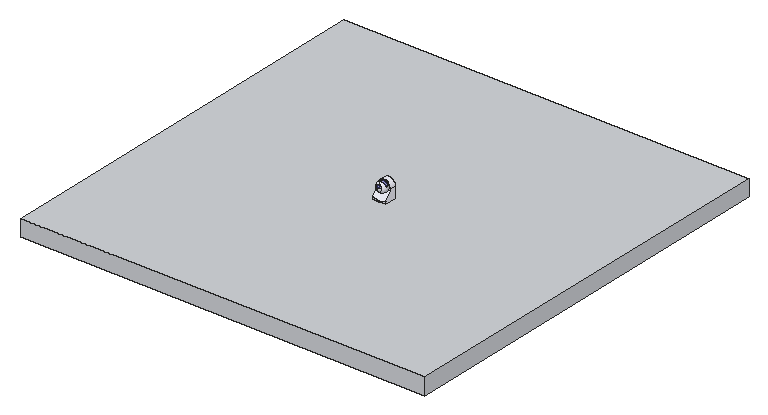
Revit family "BEG-91001", category Dispositifs d'éclairage, Revit 2015
Parameters
  Erfassungsbereich [instance] = yes
  Zone sitzend [instance] = yes
  URL = "http://www.luxomat.com/de-91001"
  Ausgabetyp = "Schalten"
  Umgebungstemperatur = "-25°C bis +50°C"
  Artikel-Nummer = "91001"
  Relais = "4A"
  Modèle = "LC-Click-N 140, weiß"
  Montge Anleitung = "Aufputz Version"
  Marke = "LUXOMAT"
  Image du type = 91001.jpg
  IP = "44"
  Max Montagehöhe empfohlen = Montagehöhe max  # 300 cm
  Montagehöhe max = 300 cm
  Fabricant = "B.E.G"
  Etikette [instance] = yes
  Elévation par défaut = 250 cm
  Typische Leistungsaufnahme = "0,43W"
  Commentaires du type = "LC-Click-N-140-weiß  BEG Luxomat Bewegungsmelder"
  Code d'assemblage = "D5010200"
  Klasse = "2"
  Schaltleistung Kanal LED = "30W"
  Schaltleistung Kanal Cos ɸ =1 = "1000W"
  Schaltleistung Kanal Cos ɸ =0,5 = "0"
  SPANNUNG = "110-240 V AC"
Reference planes (cm)
  plane 1 "Centre (avant/arrière)": y = 0
  plane 2: z = 0
  plane 3 "Centre (gauche/droite)": x = 0
Forms (cm)
  Extrusion 1, solid
    sketch origin (0, 0, 0) x (1, 0, 0) y (0, 1, 0)
      loop
        line (-121.92, 121.92) -> (-121.92, -121.92) -> (121.92, -121.92) -> (121.92, 121.92) -> (-121.92, 121.92)
    from 0 to -10
  Extrusion 2, void
    sketch origin (0, 0, 0) x (1, 0, 0) y (0, 1, 0)
      loop
        circle (0, 0) r 2.125
    from 0 to 1.606
Dimensions and locks (cm)
  aligned and locked: plane 2 to Extrusion 1
  aligned and locked: level to Extrusion 1
  aligned and locked: plane 2 to nested 2
  aligned and locked: plane 1 "Centre (avant/arrière)" to nested 2
Nested families (cm)
  nested 1: "Famille1" at (0, -52.6659, 0) x (-1, 0, 0) z (0, 0, 1), reference <- "Artikel-Nummer", modele <- "Modèle", visible <- "Etikette", type "Famille1"
    with reference "91001", modele "LC-Click-N 140, weiß"
  nested 2: "M2" at (0, -4.5, 7.2), type "Standard"
  nested 3: "zone B" at (0, 0, 0) x (1, 0, 0) z (0, -1, 0), visible <- "Erfassungsbereich", type "zone B"
    with zone assise yes, position 3 100 cm, position 2 240 cm, position 1 400 cm, frontale 600 cm, biais 1000 cm, assise 400 cm
  nested 4: "Symbole Mural 2D" at (0, 0, 0), type "Symbole Mural 2D"
Connectors (cm)
  electrical at (0, -0.4, 0)
    settings: on nested 2, index 1, voltage 240 V, apparent load 0 VA, apparent load phase1 0 VA, apparent load phase2 0 VA, apparent load phase3 0 VA, power factor 1, load classification "Eclairage", number of poles 1, system type 31, power factor state 1, is connector primary yes, connector utility no, sub classification motor no, connector description ""
Definition of nested family "M2"
  Parameters (values of type "Standard")
    d273 = 0.00°
    d272 = 0.00°
    d258 = 10.3 cm
    d158 = 7.2 cm
    Revolution_StartAngle_2 = -90.0709°
    Revolution_StartAngle_1 = -90.0613°
    Revolution_EndAngle_2 = 0.00°
    Revolution_EndAngle_1 = 0.00°
  Reference planes (cm)
    plane 1 "Centre (avant/arrière)": y = 0
    plane 2: z = 0
    plane 3 "Centre (gauche/droite)": x = 0
    plane 4: x = 0
    plane 5: x = 4.65
    plane 6: x = -4.65
    plane 7: x = 4.2
    plane 8: x = -4.2
    plane 9: z = 0
    plane 10: z = -7.2
    plane 11: z = 3.1
    plane 12: x = 5.85
    plane 13: x = -5.85
  Forms (cm)
    Revolve 1, solid
      sketch origin (0, 0, 0) x (0, -1, 0) y (0, 0, -1)
        loop
          arc (-0.65, 1.6397) -> (-2.376, 2.8952) -> (-4.5, 2.6852) r 3
          line (-4.5, 2.6852) -> (-4.5, -0.1) -> (-0.65, -0.1) -> (-0.65, 1.6397)
        axis (-4.5, -0.1) -> (-0.65, -0.1)
      angle from 0 to 360
    Revolve 2, solid
      sketch origin (0, 0, 0) x (0, -1, 0) y (0, 0, -1)
        loop
          line (-0.65, 1.6197) -> (-0.65, -0.1) -> (0, -0.1)
          arc (0, -0.1) -> (-0.1679, 0.8192) -> (-0.65, 1.6197) r 2.6
        axis (0, -0.1) -> (-0.65, -0.1)
      angle from -90.061 <- "Revolution_StartAngle_1" to 90
    Revolve 3, solid
      sketch origin (0, 0, 0) x (0, -1, 0) y (0, 0, -1)
        loop
          line (-0.65, -0.1) -> (-0.65, -1.75)
          arc (-0.65, -1.75) -> (-0.1684, -0.9867) -> (0, -0.1) r 2.4192
          line (0, -0.1) -> (-0.65, -0.1)
        axis (-0.65, -0.1) -> (0, -0.1)
      angle from -90.071 <- "Revolution_StartAngle_2" to 90
    Extrusion 4, void
      sketch origin (0, 0, 0) x (0, -1, 0) y (0, 0, -1)
        loop
          line (-4.25, -0.5) -> (-4.25, -3.5) -> (-1.95, -3.5) -> (-1.95, -0.5) -> (-4.25, -0.5)
      from 4.65 to -4.65
    Revolve 5, solid
      sketch origin (0, 0, 0) x (0, -1, 0) y (0, 0, -1)
        loop
          line (-4.25, -2.8) -> (-1.95, -2.8) -> (-1.95, -0.5) -> (-4.25, -0.5) -> (-4.25, -2.8)
        axis (-1.95, 0) -> (-4.25, 0)
      angle from 0 to 360
    Extrusion 6, void
      sketch origin (0, 0, 0) x (0, -1, 0) y (0, 0, -1)
        loop
          line (-4.25, -0.5) -> (-1.95, -0.5) -> (-1.95, 3.2411) -> (-4.25, 3.2411) -> (-4.25, -0.5)
      from 4.2 to -4.2
    Extrusion 7, solid
      sketch origin (0, 0, -7.2) x (-1, 0, 0) y (0, -1, 0)
        loop
          line (3.9, -7.6) -> (3.9, -0.6)
          arc (3.9, -0.6) -> (0, -0.2) -> (-3.9, -0.6) r 19.2125
          line (-3.9, -0.6) -> (-3.9, -7.6)
          arc (-3.9, -7.6) -> (0, -8) -> (3.9, -7.6) r 19.2125
      from 0 to 10.3
    Extrusion 8, void
      sketch origin (0, 0, 0) x (0, -1, 0) y (0, 0, -1)
        loop
          line (0.0389, 6.5653) -> (-4.4331, 1.4654) -> (-4.4331, -3.5256) -> (0.0389, -3.5256) -> (0.0389, 6.5653)
      from 5.85 to -5.85
    Extrusion 9, void
      sketch origin (5.85, 4.4331, -1.4654) x (0, 0, 1) y (-1, 0, 0)
        loop
          line (0.6654, 10.6176) -> (0.6654, 9.75)
          arc (0.6654, 9.75) -> (4.5654, 5.85) -> (0.6654, 1.95) r 3.9
          line (0.6654, 1.95) -> (0.6654, 0.7522) -> (4.9856, 0.7522) -> (4.9856, 10.6176) -> (0.6654, 10.6176)
      from 6.1831 to -5.5169
  Cuts and joins
    Extrusion 4 cuts Revolve 1
    Extrusion 4 cuts Revolve 2
    Extrusion 8, Extrusion 9 cuts Extrusion 7
    joined: Revolve 1, Revolve 2, Extrusion 7
    Extrusion 6 cuts Revolve 5
  Lines and regions (cm)
    reference lines
      curve 1: arc (0, 0.65, -1.6397) -> (0, 2.376, -2.8952) -> (0, 4.5, -2.6852) r 3
      curve 2: line (0, 4.5, 0.1) -> (0, 4.5, -2.6852)
      curve 3: line (0, 4.5, 0.1) -> (0, 0.65, 0.1)
      curve 4: line (0, 0.65, 0.1) -> (0, 0.65, -1.6397)
      curve 5: line (0, 6.7518, 0.1) -> (0, 0, 0.1)
      curve 6: line (0, 0.65, 1.8397) -> (0, 0.65, -1.6397)
      curve 7: line (0, 0, 0.1) -> (0, 0.65, 0.1)
      curve 8: arc (0, 0, 0.1) -> (0, 0.1679, -0.8192) -> (0, 0.65, -1.6197) r 2.6
      curve 9: line (0, 0.65, 0.1) -> (0, 0, 0.1)
      curve 10: arc (0, 0.65, 1.75) -> (0, 0.1684, 0.9867) -> (0, 0, 0.1) r 2.4192
      curve 11: line (0, 0.65, 0.1) -> (0, 0.65, 1.75)
      curve 12: line (0, 4.25, 0.5) -> (0, 1.95, 0.5)
      curve 13: line (0, 1.95, 0.5) -> (0, 1.95, 3.5)
      curve 14: line (0, 1.95, 3.5) -> (0, 4.25, 3.5)
      curve 15: line (0, 4.25, 3.5) -> (0, 4.25, 0.5)
      curve 16: line (0, 4.25, 2.8) -> (0, 1.95, 2.8)
      curve 17: line (0, 1.95, 2.8) -> (0, 1.95, 0.5)
      curve 18: line (0, 1.95, 0.5) -> (0, 4.25, 0.5)
      curve 19: line (0, 4.25, 0.5) -> (0, 4.25, 2.8)
      curve 20: line (0, -0.85, 0) -> (0, 5.1, 0)
      curve 21: line (0, 4.25, 0.5) -> (0, 1.95, 0.5)
      curve 22: line (0, 1.95, 0.5) -> (0, 1.95, -3.2411)
      curve 23: line (0, 1.95, -3.2411) -> (0, 4.25, -3.2411)
      curve 24: line (0, 4.25, -3.2411) -> (0, 4.25, 0.5)
      curve 25: line (-3.9, 7.6, -7.2) -> (-3.9, 0.6, -7.2)
      curve 26: arc (-3.9, 0.6, -7.2) -> (0, 0.2, -7.2) -> (3.9, 0.6, -7.2) r 19.2125
      curve 27: line (3.9, 7.6, -7.2) -> (3.9, 0.6, -7.2)
      curve 28: arc (3.9, 7.6, -7.2) -> (0, 8, -7.2) -> (-3.9, 7.6, -7.2) r 19.2125
      curve 29: line (0, -0.0389, -6.5653) -> (0, 4.4331, -1.4654)
      curve 30: line (0, 4.4331, -1.4654) -> (0, 4.4331, 3.5256)
      curve 31: line (0, 4.4331, 3.5256) -> (0, -0.0389, 3.5256)
      curve 32: line (0, -0.0389, 3.5256) -> (0, -0.0389, -6.5653)
      curve 33: line (-3.9, 4.4331, -0.8) -> (-4.7676, 4.4331, -0.8)
      curve 34: arc (3.9, 4.4331, -0.8) -> (0, 4.4331, 3.1) -> (-3.9, 4.4331, -0.8) r 3.9
      curve 35: line (5.0978, 4.4331, -0.8) -> (3.9, 4.4331, -0.8)
      curve 36: line (5.0978, 4.4331, 3.5202) -> (5.0978, 4.4331, -0.8)
      curve 37: line (-4.7676, 4.4331, 3.5202) -> (5.0978, 4.4331, 3.5202)
      curve 38: line (-4.7676, 4.4331, -0.8) -> (-4.7676, 4.4331, 3.5202)
  Dimensions and locks (cm)
    "d158": plane 10 to plane 9
    "d258": plane 10 to plane 11
    aligned and locked: level to plane 2
    aligned and locked: Revolve 1 sketch curve to curve 1
    aligned and locked: Revolve 1 sketch curve to curve 2
    aligned and locked: Revolve 1 sketch curve to curve 3
    aligned and locked: Revolve 1 sketch curve to curve 4
    aligned and locked: Revolve 1 sketch curve to curve 5
    aligned and locked: Revolve 2 sketch curve to curve 6
    aligned and locked: Revolve 2 sketch curve to curve 7  (x2)
    aligned and locked: Revolve 2 sketch curve to curve 8
    aligned and locked: Revolve 3 sketch curve to curve 9  (x2)
    aligned and locked: Revolve 3 sketch curve to curve 10
    aligned and locked: Revolve 3 sketch curve to curve 11
    aligned and locked: Extrusion 4 to plane 6
    aligned and locked: Extrusion 4 to plane 5
    aligned and locked: Extrusion 4 sketch curve to curve 12
    aligned and locked: Extrusion 4 sketch curve to curve 13
    aligned and locked: Extrusion 4 sketch curve to curve 14
    aligned and locked: Extrusion 4 sketch curve to curve 15
    aligned and locked: Revolve 5 sketch curve to curve 16
    aligned and locked: Revolve 5 sketch curve to curve 17
    aligned and locked: Revolve 5 sketch curve to curve 18
    aligned and locked: Revolve 5 sketch curve to curve 19
    aligned and locked: Revolve 5 sketch curve to curve 20
    aligned and locked: Extrusion 6 to plane 8
    aligned and locked: Extrusion 6 to plane 7
    aligned and locked: Extrusion 6 sketch curve to curve 21
    aligned and locked: Extrusion 6 sketch curve to curve 22
    aligned and locked: Extrusion 6 sketch curve to curve 23
    aligned and locked: Extrusion 6 sketch curve to curve 24
    aligned and locked: Extrusion 7 to plane 11
    aligned and locked: Extrusion 7 to plane 10
    aligned and locked: Extrusion 7 sketch curve to curve 25
    aligned and locked: Extrusion 7 sketch curve to curve 26
    aligned and locked: Extrusion 7 sketch curve to curve 27
    aligned and locked: Extrusion 7 sketch curve to curve 28
    aligned and locked: Extrusion 8 to plane 13
    aligned and locked: Extrusion 8 to plane 12
    aligned and locked: Extrusion 8 sketch curve to curve 29
    aligned and locked: Extrusion 8 sketch curve to curve 30
    aligned and locked: Extrusion 8 sketch curve to curve 31
    aligned and locked: Extrusion 8 sketch curve to curve 32
    aligned and locked: Extrusion 9 sketch curve to curve 33
    aligned and locked: Extrusion 9 sketch curve to curve 34
    aligned and locked: Extrusion 9 sketch curve to curve 35
    aligned and locked: Extrusion 9 sketch curve to curve 36
    aligned and locked: Extrusion 9 sketch curve to curve 37
    aligned and locked: Extrusion 9 sketch curve to curve 38
Definition of nested family "Famille1"
  Parameters (values of type "Famille1")
    reference [instance] = ""
    modele [instance] = ""
  Reference planes (cm)
    plane 1: y = 0
    plane 2: x = 0
  Text (cm)
    label "reference\n\nmodele" at (0.0074, -0.6424, 0), shows "reference", "modele"
Definition of nested family "zone B"
  Parameters (values of type "zone B")
    zone assise [instance] = yes
    position 3 [instance] = (assise / 4)  # 100 cm
    position 2 [instance] = (frontale / 2) * 0.8  # 240 cm
    position 1 [instance] = (biais / 2) * 0.8  # 400 cm
    frontale [instance] = 600 cm
    biais [instance] = 1000 cm
    assise [instance] = 400 cm
  Reference planes (cm)
    plane 1 "Centre (avant/arrière)": y = 0
    plane 2: z = 0
    plane 3 "Centre (gauche/droite)": x = 0
    plane 4: y = 400
    plane 5: y = 200
    plane 6: y = 1200
    plane 7: x = -500
    plane 8: x = 500
    plane 9: through (0, 0, 400) normal (-0.342, -0.9397, 0)
    plane 10: through (0, 0, 400) normal (-0.342, 0.9397, 0)
  Lines and regions (cm)
    detail lines, in view "Niveau de réf.", visible <- "zone assise"
      curve 1: spline (-41.3175, 107.4258, 0) -> (-40.9514, 107.2726, 0) -> (-39.8783, 107.1298, 0) -> (-38.1711, 107.0072, 0) -> (-35.9463, 106.9131, 0) -> (-33.3554, 106.8539, 0) -> (-30.5751, 106.8338, 0) -> (-27.7947, 106.8539, 0) -> (-25.2038, 106.9131, 0) -> (-22.979, 107.0072, 0) -> (-21.2718, 107.1298, 0) -> (-20.1987, 107.2726, 0) -> (-19.8326, 107.4258, 0) -> (-20.1987, 107.5791, 0) -> (-21.2718, 107.7219, 0) -> (-22.979, 107.8445, 0) -> (-25.2038, 107.9386, 0) -> (-27.7947, 107.9977, 0) -> (-30.5751, 108.0179, 0) -> (-33.3554, 107.9977, 0) -> (-35.9463, 107.9386, 0) -> (-38.1711, 107.8445, 0) -> (-39.8783, 107.7219, 0) -> (-40.9514, 107.5791, 0) -> (-41.3175, 107.4258, 0)
      curve 2: line (-41.3175, 107.4258, 0) -> (-39.7679, 107.7322, 0)
      curve 3: arc (-38.6903, 87.6252, 0) -> (-43.3323, 87.028, 0) -> (-47.6719, 85.2752, 0) r 18.3388
      curve 4: arc (-47.6719, 85.2752, 0) -> (-47.739, 85.2094, 0) -> (-47.7637, 85.1188, 0) r 0.1799
      curve 5: arc (-38.4979, 87.0335, 0) -> (-42.7881, 86.6337, 0) -> (-46.8946, 85.3288, 0) r 20.1051
      curve 6: arc (-46.8946, 85.3288, 0) -> (-47.0804, 85.235, 0) -> (-47.253, 85.1188, 0) r 1.6679
      curve 7: circle (-47.5084, 84.3848, 0) r 0.5096 normal (0, 0, 1)
      curve 8: arc (-46.9388, 84.3848, 0) -> (-47.5084, 84.9544, 0) -> (-48.078, 84.3848, 0) r 0.5696
      curve 9: arc (-46.8788, 84.3848, 0) -> (-47.5084, 85.0144, 0) -> (-48.138, 84.3848, 0) r 0.6296
      curve 10: arc (-22.4599, 87.6252, 0) -> (-17.8179, 87.028, 0) -> (-13.4782, 85.2752, 0) r 18.3388
      curve 11: arc (-13.4782, 85.2752, 0) -> (-13.4112, 85.2094, 0) -> (-13.3864, 85.1188, 0) r 0.1799
      curve 12: arc (-22.6522, 87.0335, 0) -> (-18.362, 86.6337, 0) -> (-14.2555, 85.3288, 0) r 20.1051
      curve 13: arc (-14.2555, 85.3288, 0) -> (-14.0697, 85.235, 0) -> (-13.8971, 85.1188, 0) r 1.6679
      curve 14: circle (-13.6418, 84.3848, 0) r 0.5096 normal (0, 0, 1)
      curve 15: arc (-13.0722, 84.3848, 0) -> (-13.6418, 84.9544, 0) -> (-14.2113, 84.3848, 0) r 0.5696
      curve 16: arc (-13.0122, 84.3848, 0) -> (-13.6418, 85.0144, 0) -> (-14.2713, 84.3848, 0) r 0.6296
      curve 17: arc (-31.3001, 87.6252, 0) -> (-35.0279, 86.773, 0) -> (-38.5464, 85.2752, 0) r 21.5424
      curve 18: arc (-38.5464, 85.2752, 0) -> (-38.6134, 85.2094, 0) -> (-38.6382, 85.1188, 0) r 0.1799
      curve 19: arc (-31.3001, 87.0335, 0) -> (-34.5944, 86.4079, 0) -> (-37.7691, 85.3288, 0) r 23.9713
      curve 20: arc (-37.7691, 85.3288, 0) -> (-37.9518, 85.2368, 0) -> (-38.1218, 85.1231, 0) r 1.6679
      curve 21: arc (-31.0637, 87.0335, 0) -> (-34.3097, 86.3846, 0) -> (-37.4471, 85.3288, 0) r 26.0219
      curve 22: arc (-37.4471, 85.3288, 0) -> (-37.6328, 85.235, 0) -> (-37.8055, 85.1188, 0) r 1.6679
      curve 23: circle (-38.2218, 84.3848, 0) r 0.5096 normal (0, 0, 1)
      curve 24: arc (-37.6522, 84.3848, 0) -> (-38.2218, 84.9544, 0) -> (-38.7914, 84.3848, 0) r 0.5696
      curve 25: arc (-37.5922, 84.3848, 0) -> (-38.2218, 85.0144, 0) -> (-38.8514, 84.3848, 0) r 0.6296
      curve 26: arc (-29.85, 87.6252, 0) -> (-26.1222, 86.773, 0) -> (-22.6037, 85.2752, 0) r 21.5424
      curve 27: arc (-22.6037, 85.2752, 0) -> (-22.5367, 85.2094, 0) -> (-22.5119, 85.1188, 0) r 0.1799
      curve 28: arc (-29.85, 87.0335, 0) -> (-26.5557, 86.4079, 0) -> (-23.381, 85.3288, 0) r 23.9713
      curve 29: arc (-23.381, 85.3288, 0) -> (-23.1952, 85.235, 0) -> (-23.0226, 85.1188, 0) r 1.6679
      curve 30: arc (-30.0865, 87.0335, 0) -> (-26.8404, 86.3846, 0) -> (-23.703, 85.3288, 0) r 26.0219
      curve 31: arc (-23.703, 85.3288, 0) -> (-23.5173, 85.235, 0) -> (-23.3447, 85.1188, 0) r 1.6679
      curve 32: circle (-22.9283, 84.3848, 0) r 0.5096 normal (0, 0, 1)
      curve 33: arc (-22.3587, 84.3848, 0) -> (-22.9283, 84.9544, 0) -> (-23.4979, 84.3848, 0) r 0.5696
      curve 34: arc (-22.2987, 84.3848, 0) -> (-22.9283, 85.0144, 0) -> (-23.5579, 84.3848, 0) r 0.6296
      curve 35: arc (-39.0487, 113.0845, 0) -> (-37.9184, 110.0313, 0) -> (-34.9061, 108.7959, 0) r 4.0512
      curve 36: arc (-19.7594, 108.4409, 0) -> (-18.9946, 107.9957, 0) -> (-18.8354, 107.1252, 0) r 1.0582
      curve 37: arc (-18.8354, 107.1252, 0) -> (-20.1297, 97.987, 0) -> (-20.1111, 88.7576, 0) r 64.7189
      curve 38: arc (-20.1111, 88.7576, 0) -> (-19.9738, 88.2109, 0) -> (-19.4935, 87.9159, 0) r 0.7467
      curve 39: arc (-19.4935, 87.9159, 0) -> (-16.4122, 87.3424, 0) -> (-13.2788, 87.2735, 0) r 19.3577
      curve 40: arc (-13.2788, 87.2735, 0) -> (-13.6771, 87.7749, 0) -> (-14.2869, 87.97, 0) r 1.1013
      curve 41: arc (-14.2869, 87.97, 0) -> (-16.4682, 88.4044, 0) -> (-18.5995, 89.0399, 0) r 23.8747
      curve 42: arc (-18.5995, 89.0399, 0) -> (-17.6453, 97.6652, 0) -> (-16.8888, 106.3101, 0) r 379.1961
      curve 43: arc (-16.8888, 106.3101, 0) -> (-17.1116, 109.0558, 0) -> (-19.099, 110.9634, 0) r 3.8846
      curve 44: arc (-19.099, 110.9634, 0) -> (-25.2549, 113.0287, 0) -> (-31.695, 113.8571, 0) r 33.2193
      curve 45: arc (-31.695, 113.8571, 0) -> (-30.8924, 121.519, 0) -> (-30.9017, 129.2229, 0) r 72.9952
      curve 46: arc (-31.1524, 132.494, 0) -> (-31.2604, 133.5098, 0) -> (-31.3826, 134.524, 0) r 72.9952
      curve 47: arc (-34.2155, 134.2892, 0) -> (-36.3834, 133.5053, 0) -> (-35.5294, 131.3641, 0) r 1.6042
      curve 48: arc (-31.3826, 134.524, 0) -> (-34.7706, 136.4714, 0) -> (-38.1587, 134.524, 0) r 3.9209
      curve 49: arc (-4.8826, 124.5317, 0) -> (-4.8945, 124.4406, 0) -> (-4.9819, 124.4689, 0) r 0.0597
      curve 50: arc (-7.0184, 124.7548, 0) -> (-6.9904, 124.5973, 0) -> (-7.149, 124.5761, 0) r 0.1108
      curve 51: spline (-34.9316, 145.8549, 0) -> (-34.0201, 145.7243, 0) -> (-33.1637, 145.2995, 0) -> (-32.4208, 144.6094, 0) -> (-31.842, 143.7011, 0) -> (-31.4668, 142.6365, 0) -> (-31.3207, 141.488, 0) -> (-31.4136, 140.3341, 0) -> (-31.7393, 139.2532, 0) -> (-32.2756, 138.3192, 0) -> (-32.9858, 137.5955, 0) -> (-33.8217, 137.1317, 0) -> (-34.7262, 136.9591, 0) -> (-35.6377, 137.0897, 0) -> (-36.494, 137.5145, 0) -> (-37.2369, 138.2046, 0) -> (-37.8157, 139.1129, 0) -> (-38.191, 140.1776, 0) -> (-38.3371, 141.326, 0) -> (-38.2441, 142.48, 0) -> (-37.9184, 143.5608, 0) -> (-37.3822, 144.4949, 0) -> (-36.6719, 145.2185, 0) -> (-35.8361, 145.6824, 0) -> (-34.9316, 145.8549, 0)
      curve 52: line (-10.2016, 83.8752, 0) -> (30.5833, 83.8752, 0)
      curve 53: line (30.5833, 83.8752, 0) -> (30.5833, 122.8821, 0)
      curve 54: line (30.5833, 122.8821, 0) -> (-10.2016, 122.8821, 0)
      curve 55: line (-10.2016, 122.8821, 0) -> (-10.2016, 83.8752, 0)
      curve 56: line (-10.2016, 83.8752, 0) -> (-56.7589, 83.8752, 0)
      curve 57: line (-16.1433, 122.8821, 0) -> (36.525, 122.8821, 0)
      curve 58: line (36.525, 122.8821, 0) -> (36.525, 124.3485, 0)
      curve 59: line (36.525, 124.3485, 0) -> (-16.1433, 124.3485, 0)
      curve 60: line (-16.1433, 124.3485, 0) -> (-16.1433, 122.8821, 0)
      curve 61: line (-31.5631, 106.8338, 0) -> (-29.587, 106.8338, 0)
      curve 62: line (-29.587, 106.8338, 0) -> (-29.587, 87.6252, 0)
      curve 63: line (-29.587, 87.6252, 0) -> (-31.5631, 87.6252, 0)
      curve 64: line (-31.5631, 87.6252, 0) -> (-31.5631, 106.8338, 0)
      curve 65: line (-31.5631, 87.6252, 0) -> (-38.6903, 87.6252, 0)
      curve 66: line (-47.7637, 85.1188, 0) -> (-47.253, 85.1188, 0)
      curve 67: line (-29.85, 87.6252, 0) -> (-30.0865, 87.0335, 0)
      curve 68: line (-30.0865, 87.0335, 0) -> (-29.85, 87.0335, 0)
      curve 69: line (-29.85, 87.0335, 0) -> (-30.5751, 87.0335, 0)
      curve 70: line (-30.5751, 87.0335, 0) -> (-31.3001, 87.0335, 0)
      curve 71: line (-31.3001, 87.0335, 0) -> (-31.0637, 87.0335, 0)
      curve 72: line (-31.0637, 87.0335, 0) -> (-31.3001, 87.6252, 0)
      curve 73: line (-34.1634, 87.0335, 0) -> (-38.4979, 87.0335, 0)
      curve 74: line (-48.078, 84.3848, 0) -> (-48.138, 84.3848, 0)
      curve 75: line (-46.9388, 84.3848, 0) -> (-46.8788, 84.3848, 0)
      curve 76: line (-47.4084, 85.0064, 0) -> (-47.4084, 85.1188, 0)
      curve 77: line (-47.6084, 85.0064, 0) -> (-47.6084, 85.1188, 0)
      curve 78: line (-29.587, 87.6252, 0) -> (-22.4599, 87.6252, 0)
      curve 79: line (-13.3864, 85.1188, 0) -> (-13.8971, 85.1188, 0)
      curve 80: line (-26.9867, 87.0335, 0) -> (-22.6522, 87.0335, 0)
      curve 81: line (-13.0722, 84.3848, 0) -> (-13.0122, 84.3848, 0)
      curve 82: line (-14.2113, 84.3848, 0) -> (-14.2713, 84.3848, 0)
      curve 83: line (-13.7418, 85.0064, 0) -> (-13.7418, 85.1188, 0)
      curve 84: line (-13.5418, 85.0064, 0) -> (-13.5418, 85.1188, 0)
      curve 85: line (-38.6382, 85.1188, 0) -> (-37.8055, 85.1188, 0)
      curve 86: line (-38.7914, 84.3848, 0) -> (-38.8514, 84.3848, 0)
      curve 87: line (-37.6522, 84.3848, 0) -> (-37.5922, 84.3848, 0)
      curve 88: line (-38.1218, 85.0064, 0) -> (-38.1218, 85.1231, 0)
      curve 89: line (-38.3218, 85.0064, 0) -> (-38.3218, 85.1188, 0)
      curve 90: line (-22.5119, 85.1188, 0) -> (-23.3447, 85.1188, 0)
      curve 91: line (-22.3587, 84.3848, 0) -> (-22.2987, 84.3848, 0)
      curve 92: line (-23.4979, 84.3848, 0) -> (-23.5579, 84.3848, 0)
      curve 93: line (-23.0283, 85.0064, 0) -> (-23.0283, 85.1188, 0)
      curve 94: line (-22.8283, 85.0064, 0) -> (-22.8283, 85.1188, 0)
      curve 95: line (-34.9061, 108.7959, 0) -> (-19.7594, 108.4409, 0)
      curve 96: line (-39.0487, 113.0845, 0) -> (-38.1587, 134.524, 0)
      curve 97: line (-34.2155, 134.2892, 0) -> (-21.3663, 126.7588, 0)
      curve 98: line (-21.3663, 126.7588, 0) -> (-10.3337, 125.881, 0)
      curve 99: line (-10.3337, 125.881, 0) -> (-7.6441, 125.9359, 0)
      curve 100: line (-7.6441, 125.9359, 0) -> (-5.7779, 125.497, 0)
      curve 101: line (-5.7779, 125.497, 0) -> (-4.8826, 124.5317, 0)
      curve 102: line (-4.9819, 124.4689, 0) -> (-5.8216, 125.3036, 0)
      curve 103: line (-5.8216, 125.3036, 0) -> (-7.6523, 125.513, 0)
      curve 104: line (-7.6523, 125.513, 0) -> (-8.0567, 125.2388, 0)
      curve 105: line (-8.0567, 125.2388, 0) -> (-7.0184, 124.7548, 0)
      curve 106: line (-7.149, 124.5761, 0) -> (-8.7064, 125.1089, 0)
      curve 107: line (-8.7064, 125.1089, 0) -> (-10.5368, 124.8698, 0)
      curve 108: line (-10.5368, 124.8698, 0) -> (-22.0552, 125.1298, 0)
      curve 109: line (-22.0552, 125.1298, 0) -> (-35.5294, 131.3641, 0)
      curve 110: line (-35.9052, 137.1881, 0) -> (-36.0352, 136.2619, 0)
      curve 111: line (-33.555, 137.2442, 0) -> (-33.4126, 136.2287, 0)
      curve 112: line (30.5833, 83.8752, 0) -> (42.1578, 83.8752, 0)
    detail lines, in view "Niveau de réf."
      curve 113: spline (-2.3068, 310.875, 0) -> (-4.0856, 310.5434, 0) -> (-5.7432, 309.5712, 0) -> (-7.1667, 308.0245, 0) -> (-8.2589, 306.0089, 0) -> (-8.9455, 303.6617, 0) -> (-9.1797, 301.1428, 0) -> (-8.9455, 298.6239, 0) -> (-8.2589, 296.2767, 0) -> (-7.1667, 294.261, 0) -> (-5.7432, 292.7144, 0) -> (-4.0856, 291.7422, 0) -> (-2.3068, 291.4105, 0) -> (-0.5279, 291.7422, 0) -> (1.1297, 292.7144, 0) -> (2.5531, 294.261, 0) -> (3.6453, 296.2767, 0) -> (4.3319, 298.6239, 0) -> (4.5661, 301.1428, 0) -> (4.3319, 303.6617, 0) -> (3.6453, 306.0089, 0) -> (2.5531, 308.0245, 0) -> (1.1297, 309.5712, 0) -> (-0.5279, 310.5434, 0) -> (-2.3068, 310.875, 0)
      curve 114: line (4.7649, 298.2415, 0) -> (-0.5136, 311.0698, 0)
      curve 115: line (-3.5648, 311.2261, 0) -> (-9.2455, 297.6752, 0)
      curve 116: line (0.3759, 291.6074, 0) -> (3.0011, 294.0292, 0)
      curve 117: line (-3.5053, 311.6531, 0) -> (-6.62, 311.5242, 0)
      curve 118: line (-1.7304, 311.501, 0) -> (-3.5053, 311.6531, 0)
      curve 119: line (4.7649, 298.2415, 0) -> (-0.5136, 311.0698, 0)
      curve 120: line (21.1936, 298.5379, 0) -> (24.4202, 300.5108, 0)
      curve 121: line (21.1936, 298.5379, 0) -> (24.4202, 300.5108, 0)
      curve 122: line (0.3759, 291.6074, 0) -> (3.0011, 294.0292, 0)
      curve 123: line (-1.7304, 311.501, 0) -> (-6.62, 311.5242, 0)
      curve 124: line (-3.5648, 311.2261, 0) -> (-9.2455, 297.6752, 0)
      curve 125: line (0, 283.1486, 0) -> (0, 252.2274, 0)
      curve 126: line (0, 252.2274, 0) -> (0, 243.93, 0)
      curve 127: spline (-215.5141, 635.5343, 0) -> (-213.7392, 635.1821, 0) -> (-211.8391, 635.4697, 0) -> (-209.9434, 636.3777, 0) -> (-208.1811, 637.844, 0) -> (-206.6725, 639.7688, 0) -> (-205.5202, 642.0209, 0) -> (-204.8029, 644.4469, 0) -> (-204.5694, 646.8813, 0) -> (-204.8356, 649.1583, 0) -> (-205.5834, 651.1227, 0) -> (-206.7619, 652.6407, 0) -> (-208.2906, 653.6088, 0) -> (-210.0655, 653.961, 0) -> (-211.9656, 653.6733, 0) -> (-213.8613, 652.7654, 0) -> (-215.6236, 651.299, 0) -> (-217.1322, 649.3742, 0) -> (-218.2845, 647.1221, 0) -> (-219.0018, 644.6962, 0) -> (-219.2353, 642.2618, 0) -> (-218.9691, 639.9848, 0) -> (-218.2213, 638.0203, 0) -> (-217.0428, 636.5023, 0) -> (-215.5141, 635.5343, 0)
      curve 128: line (-217.3923, 649.89, 0) -> (-217.2515, 636.0189, 0)
      curve 129: line (-214.4762, 634.7415, 0) -> (-204.1723, 645.2165, 0)
      curve 130: line (-210.8548, 654.4216, 0) -> (-214.1913, 653.147, 0)
      curve 131: line (-214.6899, 634.367, 0) -> (-211.7498, 633.3308, 0)
      curve 132: line (-216.2817, 635.1669, 0) -> (-214.6899, 634.367, 0)
      curve 133: line (-217.3923, 649.89, 0) -> (-217.2515, 636.0189, 0)
      curve 134: line (-232.7579, 655.7116, 0) -> (-236.4862, 655.077, 0)
      curve 135: line (-232.7579, 655.7116, 0) -> (-236.4862, 655.077, 0)
      curve 136: line (-210.8548, 654.4216, 0) -> (-214.1913, 653.147, 0)
      curve 137: line (-216.2817, 635.1669, 0) -> (-211.7498, 633.3308, 0)
      curve 138: line (-214.4762, 634.7415, 0) -> (-204.1723, 645.2165, 0)
      curve 139: line (-207.3666, 662.1368, 0) -> (-195.8914, 690.8499, 0)
      curve 140: line (-195.8914, 690.8499, 0) -> (-192.8122, 698.5548, 0)
      curve 281: arc (187.9385, 68.404, 0) -> (0, 200, 0) -> (-187.9385, 68.404, 0) r 200
      curve 282: arc (375.877, 136.8081, 0) -> (0, 400, 0) -> (-375.877, 136.8081, 0) r 400
      curve 283: spline (-500, 181.9851, 0) -> (-482.9629, 445.4668, 0) -> (-433.0127, 690.9926, 0) -> (-353.5534, 901.8303, 0) -> (-250, 1063.6119, 0) -> (-129.4095, 1165.312, 0) -> (0, 1200, 0) -> (129.4095, 1165.312, 0) -> (250, 1063.6119, 0) -> (353.5534, 901.8303, 0) -> (433.0127, 690.9926, 0) -> (482.9629, 445.4668, 0) -> (500, 181.9851, 0)
      curve 284: line (0, 0, 0) -> (-500, 181.9851, 0)
      curve 285: line (0, 0, 0) -> (500, 181.9851, 0)
    detail lines, in view "Niveau de réf.", visible <- "zone assise", not visible
      curve 141: spline (925.976, -22.5654, 0) -> (926.342, -22.7186, 0) -> (927.4152, -22.8614, 0) -> (929.1224, -22.984, 0) -> (931.3472, -23.0781, 0) -> (933.938, -23.1373, 0) -> (936.7184, -23.1574, 0) -> (939.4987, -23.1373, 0) -> (942.0896, -23.0781, 0) -> (944.3144, -22.984, 0) -> (946.0216, -22.8614, 0) -> (947.0948, -22.7186, 0) -> (947.4608, -22.5654, 0) -> (947.0948, -22.4122, 0) -> (946.0216, -22.2694, 0) -> (944.3144, -22.1467, 0) -> (942.0896, -22.0527, 0) -> (939.4987, -21.9935, 0) -> (936.7184, -21.9733, 0) -> (933.938, -21.9935, 0) -> (931.3472, -22.0527, 0) -> (929.1224, -22.1467, 0) -> (927.4152, -22.2694, 0) -> (926.342, -22.4122, 0) -> (925.976, -22.5654, 0)
      curve 142: line (925.976, -22.5654, 0) -> (927.5256, -22.2591, 0)
      curve 143: arc (928.6032, -42.366, 0) -> (923.9612, -42.9632, 0) -> (919.6215, -44.716, 0) r 18.3388
      curve 144: arc (919.6215, -44.716, 0) -> (919.5545, -44.7818, 0) -> (919.5297, -44.8725, 0) r 0.1799
      curve 145: arc (928.7956, -42.9577, 0) -> (924.5053, -43.3576, 0) -> (920.3988, -44.6624, 0) r 20.1051
      curve 146: arc (920.3988, -44.6624, 0) -> (920.213, -44.7562, 0) -> (920.0404, -44.8725, 0) r 1.6679
      curve 147: circle (919.7851, -45.6065, 0) r 0.5096 normal (0, 0, 1)
      curve 148: arc (920.3547, -45.6065, 0) -> (919.7851, -45.0369, 0) -> (919.2155, -45.6065, 0) r 0.5696
      curve 149: arc (920.4147, -45.6065, 0) -> (919.7851, -44.9769, 0) -> (919.1555, -45.6065, 0) r 0.6296
      curve 150: arc (944.8336, -42.366, 0) -> (949.4756, -42.9632, 0) -> (953.8152, -44.716, 0) r 18.3388
      curve 151: arc (953.8152, -44.716, 0) -> (953.8823, -44.7818, 0) -> (953.907, -44.8725, 0) r 0.1799
      curve 152: arc (944.6412, -42.9577, 0) -> (948.9315, -43.3576, 0) -> (953.038, -44.6624, 0) r 20.1051
      curve 153: arc (953.038, -44.6624, 0) -> (953.2237, -44.7562, 0) -> (953.3964, -44.8725, 0) r 1.6679
      curve 154: circle (953.6517, -45.6065, 0) r 0.5096 normal (0, 0, 1)
      curve 155: arc (954.2213, -45.6065, 0) -> (953.6517, -45.0369, 0) -> (953.0821, -45.6065, 0) r 0.5696
      curve 156: arc (954.2813, -45.6065, 0) -> (953.6517, -44.9769, 0) -> (953.0221, -45.6065, 0) r 0.6296
      curve 157: arc (935.9933, -42.366, 0) -> (932.2655, -43.2182, 0) -> (928.7471, -44.716, 0) r 21.5424
      curve 158: arc (928.7471, -44.716, 0) -> (928.68, -44.7818, 0) -> (928.6553, -44.8725, 0) r 0.1799
      curve 159: arc (935.9933, -42.9577, 0) -> (932.6991, -43.5833, 0) -> (929.5243, -44.6624, 0) r 23.9713
      curve 160: arc (929.5243, -44.6624, 0) -> (929.3417, -44.7544, 0) -> (929.1716, -44.8681, 0) r 1.6679
      curve 161: arc (936.2298, -42.9577, 0) -> (932.9838, -43.6066, 0) -> (929.8464, -44.6624, 0) r 26.0219
      curve 162: arc (929.8464, -44.6624, 0) -> (929.6606, -44.7562, 0) -> (929.488, -44.8725, 0) r 1.6679
      curve 163: circle (929.0716, -45.6065, 0) r 0.5096 normal (0, 0, 1)
      curve 164: arc (929.6412, -45.6065, 0) -> (929.0716, -45.0369, 0) -> (928.502, -45.6065, 0) r 0.5696
      curve 165: arc (929.7012, -45.6065, 0) -> (929.0716, -44.9769, 0) -> (928.442, -45.6065, 0) r 0.6296
      curve 166: arc (937.4435, -42.366, 0) -> (941.1713, -43.2182, 0) -> (944.6897, -44.716, 0) r 21.5424
      curve 167: arc (944.6897, -44.716, 0) -> (944.7568, -44.7818, 0) -> (944.7815, -44.8725, 0) r 0.1799
      curve 168: arc (937.4435, -42.9577, 0) -> (940.7377, -43.5833, 0) -> (943.9124, -44.6624, 0) r 23.9713
      curve 169: arc (943.9124, -44.6624, 0) -> (944.0982, -44.7562, 0) -> (944.2708, -44.8725, 0) r 1.6679
      curve 170: arc (937.207, -42.9577, 0) -> (940.453, -43.6066, 0) -> (943.5904, -44.6624, 0) r 26.0219
      curve 171: arc (943.5904, -44.6624, 0) -> (943.7762, -44.7562, 0) -> (943.9488, -44.8725, 0) r 1.6679
      curve 172: circle (944.3651, -45.6065, 0) r 0.5096 normal (0, 0, 1)
      curve 173: arc (944.9347, -45.6065, 0) -> (944.3651, -45.0369, 0) -> (943.7956, -45.6065, 0) r 0.5696
      curve 174: arc (944.9947, -45.6065, 0) -> (944.3651, -44.9769, 0) -> (943.7356, -45.6065, 0) r 0.6296
      curve 175: arc (928.2447, -16.9067, 0) -> (929.3751, -19.9599, 0) -> (932.3873, -21.1953, 0) r 4.0512
      curve 176: arc (947.5341, -21.5503, 0) -> (948.2989, -21.9955, 0) -> (948.4581, -22.866, 0) r 1.0582
      curve 177: arc (948.4581, -22.866, 0) -> (947.1637, -32.0042, 0) -> (947.1824, -41.2336, 0) r 64.7189
      curve 178: arc (947.1824, -41.2336, 0) -> (947.3196, -41.7803, 0) -> (947.8, -42.0753, 0) r 0.7467
      curve 179: arc (947.8, -42.0753, 0) -> (950.8812, -42.6489, 0) -> (954.0146, -42.7177, 0) r 19.3577
      curve 180: arc (954.0146, -42.7177, 0) -> (953.6164, -42.2163, 0) -> (953.0065, -42.0212, 0) r 1.1013
      curve 181: arc (953.0065, -42.0212, 0) -> (950.8253, -41.5868, 0) -> (948.6939, -40.9514, 0) r 23.8747
      curve 182: arc (948.6939, -40.9514, 0) -> (949.6481, -32.326, 0) -> (950.4047, -23.6811, 0) r 379.1961
      curve 183: arc (950.4047, -23.6811, 0) -> (950.1819, -20.9354, 0) -> (948.1945, -19.0278, 0) r 3.8846
      curve 184: arc (948.1945, -19.0278, 0) -> (942.0386, -16.9625, 0) -> (935.5985, -16.1341, 0) r 33.2193
      curve 185: arc (935.5985, -16.1341, 0) -> (936.4011, -8.4722, 0) -> (936.3918, -0.7683, 0) r 72.9952
      curve 186: arc (936.1411, 2.5028, 0) -> (936.0331, 3.5186, 0) -> (935.9108, 4.5328, 0) r 72.9952
      curve 187: arc (933.0779, 4.298, 0) -> (930.9101, 3.5141, 0) -> (931.7641, 1.3729, 0) r 1.6042
      curve 188: arc (935.9108, 4.5328, 0) -> (932.5228, 6.4802, 0) -> (929.1348, 4.5328, 0) r 3.9209
      curve 189: arc (962.4108, -5.4595, 0) -> (962.3989, -5.5507, 0) -> (962.3115, -5.5223, 0) r 0.0597
      curve 190: arc (960.275, -5.2364, 0) -> (960.303, -5.394, 0) -> (960.1444, -5.4151, 0) r 0.1108
      curve 191: spline (932.3619, 15.8637, 0) -> (933.2734, 15.7331, 0) -> (934.1297, 15.3083, 0) -> (934.8726, 14.6182, 0) -> (935.4514, 13.7099, 0) -> (935.8267, 12.6452, 0) -> (935.9728, 11.4968, 0) -> (935.8798, 10.3428, 0) -> (935.5541, 9.262, 0) -> (935.0179, 8.3279, 0) -> (934.3076, 7.6043, 0) -> (933.4718, 7.1404, 0) -> (932.5673, 6.9679, 0) -> (931.6558, 7.0985, 0) -> (930.7994, 7.5233, 0) -> (930.0565, 8.2134, 0) -> (929.4777, 9.1217, 0) -> (929.1025, 10.1864, 0) -> (928.9564, 11.3348, 0) -> (929.0493, 12.4888, 0) -> (929.375, 13.5696, 0) -> (929.9113, 14.5037, 0) -> (930.6215, 15.2273, 0) -> (931.4574, 15.6912, 0) -> (932.3619, 15.8637, 0)
      curve 192: line (957.0918, -46.116, 0) -> (997.8768, -46.116, 0)
      curve 193: line (997.8768, -46.116, 0) -> (997.8768, -7.1091, 0)
      curve 194: line (997.8768, -7.1091, 0) -> (957.0918, -7.1091, 0)
      curve 195: line (957.0918, -7.1091, 0) -> (957.0918, -46.116, 0)
      curve 196: line (957.0918, -46.116, 0) -> (910.5345, -46.116, 0)
      curve 197: line (951.1501, -7.1091, 0) -> (1003.8185, -7.1091, 0)
      curve 198: line (1003.8185, -7.1091, 0) -> (1003.8185, -5.6427, 0)
      curve 199: line (1003.8185, -5.6427, 0) -> (951.1501, -5.6427, 0)
      curve 200: line (951.1501, -5.6427, 0) -> (951.1501, -7.1091, 0)
      curve 201: line (935.7304, -23.1574, 0) -> (937.7064, -23.1574, 0)
      curve 202: line (937.7064, -23.1574, 0) -> (937.7064, -42.366, 0)
      curve 203: line (937.7064, -42.366, 0) -> (935.7304, -42.366, 0)
      curve 204: line (935.7304, -42.366, 0) -> (935.7304, -23.1574, 0)
      curve 205: line (935.7304, -42.366, 0) -> (928.6032, -42.366, 0)
      curve 206: line (919.5297, -44.8725, 0) -> (920.0404, -44.8725, 0)
      curve 207: line (937.4435, -42.366, 0) -> (937.207, -42.9577, 0)
      curve 208: line (937.207, -42.9577, 0) -> (937.4435, -42.9577, 0)
      curve 209: line (937.4435, -42.9577, 0) -> (936.7184, -42.9577, 0)
      curve 210: line (936.7184, -42.9577, 0) -> (935.9933, -42.9577, 0)
      curve 211: line (935.9933, -42.9577, 0) -> (936.2298, -42.9577, 0)
      curve 212: line (936.2298, -42.9577, 0) -> (935.9933, -42.366, 0)
      curve 213: line (933.13, -42.9577, 0) -> (928.7956, -42.9577, 0)
      curve 214: line (919.2155, -45.6065, 0) -> (919.1555, -45.6065, 0)
      curve 215: line (920.3547, -45.6065, 0) -> (920.4147, -45.6065, 0)
      curve 216: line (919.8851, -44.9848, 0) -> (919.8851, -44.8725, 0)
      curve 217: line (919.6851, -44.9848, 0) -> (919.6851, -44.8725, 0)
      curve 218: line (937.7064, -42.366, 0) -> (944.8336, -42.366, 0)
      curve 219: line (953.907, -44.8725, 0) -> (953.3964, -44.8725, 0)
      curve 220: line (940.3068, -42.9577, 0) -> (944.6412, -42.9577, 0)
      curve 221: line (954.2213, -45.6065, 0) -> (954.2813, -45.6065, 0)
      curve 222: line (953.0821, -45.6065, 0) -> (953.0221, -45.6065, 0)
      curve 223: line (953.5517, -44.9848, 0) -> (953.5517, -44.8725, 0)
      curve 224: line (953.7517, -44.9848, 0) -> (953.7517, -44.8725, 0)
      curve 225: line (928.6553, -44.8725, 0) -> (929.488, -44.8725, 0)
      curve 226: line (928.502, -45.6065, 0) -> (928.442, -45.6065, 0)
      curve 227: line (929.6412, -45.6065, 0) -> (929.7012, -45.6065, 0)
      curve 228: line (929.1716, -44.9848, 0) -> (929.1716, -44.8681, 0)
      curve 229: line (928.9716, -44.9848, 0) -> (928.9716, -44.8725, 0)
      curve 230: line (944.7815, -44.8725, 0) -> (943.9488, -44.8725, 0)
      curve 231: line (944.9347, -45.6065, 0) -> (944.9947, -45.6065, 0)
      curve 232: line (943.7956, -45.6065, 0) -> (943.7356, -45.6065, 0)
      curve 233: line (944.2651, -44.9848, 0) -> (944.2651, -44.8725, 0)
      curve 234: line (944.4651, -44.9848, 0) -> (944.4651, -44.8725, 0)
      curve 235: line (932.3873, -21.1953, 0) -> (947.5341, -21.5503, 0)
      curve 236: line (928.2447, -16.9067, 0) -> (929.1348, 4.5328, 0)
      curve 237: line (933.0779, 4.298, 0) -> (945.9271, -3.2324, 0)
      curve 238: line (945.9271, -3.2324, 0) -> (956.9598, -4.1102, 0)
      curve 239: line (956.9598, -4.1102, 0) -> (959.6493, -4.0553, 0)
      curve 240: line (959.6493, -4.0553, 0) -> (961.5155, -4.4943, 0)
      curve 241: line (961.5155, -4.4943, 0) -> (962.4108, -5.4595, 0)
      curve 242: line (962.3115, -5.5223, 0) -> (961.4719, -4.6876, 0)
      curve 243: line (961.4719, -4.6876, 0) -> (959.6412, -4.4783, 0)
      curve 244: line (959.6412, -4.4783, 0) -> (959.2367, -4.7524, 0)
      curve 245: line (959.2367, -4.7524, 0) -> (960.275, -5.2364, 0)
      curve 246: line (960.1444, -5.4151, 0) -> (958.5871, -4.8823, 0)
      curve 247: line (958.5871, -4.8823, 0) -> (956.7566, -5.1214, 0)
      curve 248: line (956.7566, -5.1214, 0) -> (945.2383, -4.8614, 0)
      curve 249: line (945.2383, -4.8614, 0) -> (931.7641, 1.3729, 0)
      curve 250: line (931.3882, 7.1969, 0) -> (931.2583, 6.2707, 0)
      curve 251: line (933.7384, 7.2529, 0) -> (933.8809, 6.2375, 0)
      curve 252: line (997.8768, -46.116, 0) -> (1009.4512, -46.116, 0)
    detail lines, in view "Niveau de réf.", not visible
      curve 253: spline (630.3724, -48.277, 0) -> (632.1512, -47.9453, 0) -> (633.8088, -46.9731, 0) -> (635.2323, -45.4264, 0) -> (636.3245, -43.4108, 0) -> (637.0111, -41.0636, 0) -> (637.2453, -38.5447, 0) -> (637.0111, -36.0258, 0) -> (636.3245, -33.6786, 0) -> (635.2323, -31.663, 0) -> (633.8088, -30.1163, 0) -> (632.1512, -29.1441, 0) -> (630.3724, -28.8124, 0) -> (628.5935, -29.1441, 0) -> (626.9359, -30.1163, 0) -> (625.5125, -31.663, 0) -> (624.4202, -33.6786, 0) -> (623.7336, -36.0258, 0) -> (623.4995, -38.5447, 0) -> (623.7336, -41.0636, 0) -> (624.4202, -43.4108, 0) -> (625.5125, -45.4264, 0) -> (626.9359, -46.9731, 0) -> (628.5935, -47.9453, 0) -> (630.3724, -48.277, 0)
      curve 254: line (623.3007, -35.6434, 0) -> (628.5792, -48.4717, 0)
      curve 255: line (631.6303, -48.628, 0) -> (637.311, -35.0771, 0)
      curve 256: line (627.6897, -29.0093, 0) -> (625.0645, -31.4311, 0)
      curve 257: line (631.5709, -49.055, 0) -> (634.6856, -48.9261, 0)
      curve 258: line (629.7959, -48.903, 0) -> (631.5709, -49.055, 0)
      curve 259: line (623.3007, -35.6434, 0) -> (628.5792, -48.4717, 0)
      curve 260: line (606.872, -35.9399, 0) -> (603.6454, -37.9127, 0)
      curve 261: line (606.872, -35.9399, 0) -> (603.6454, -37.9127, 0)
      curve 262: line (627.6897, -29.0093, 0) -> (625.0645, -31.4311, 0)
      curve 263: line (629.7959, -48.903, 0) -> (634.6856, -48.9261, 0)
      curve 264: line (631.6303, -48.628, 0) -> (637.311, -35.0771, 0)
      curve 265: line (628.0656, -20.5505, 0) -> (628.0656, 10.3707, 0)
      curve 266: line (628.0656, 10.3707, 0) -> (628.0656, 18.6681, 0)
      curve 267: spline (1030.3724, -260.777, 0) -> (1032.1512, -260.4453, 0) -> (1033.8088, -259.4731, 0) -> (1035.2323, -257.9264, 0) -> (1036.3245, -255.9108, 0) -> (1037.0111, -253.5636, 0) -> (1037.2453, -251.0447, 0) -> (1037.0111, -248.5258, 0) -> (1036.3245, -246.1786, 0) -> (1035.2323, -244.163, 0) -> (1033.8088, -242.6163, 0) -> (1032.1512, -241.6441, 0) -> (1030.3724, -241.3124, 0) -> (1028.5935, -241.6441, 0) -> (1026.9359, -242.6163, 0) -> (1025.5125, -244.163, 0) -> (1024.4202, -246.1786, 0) -> (1023.7336, -248.5258, 0) -> (1023.4995, -251.0447, 0) -> (1023.7336, -253.5636, 0) -> (1024.4202, -255.9108, 0) -> (1025.5125, -257.9264, 0) -> (1026.9359, -259.4731, 0) -> (1028.5935, -260.4453, 0) -> (1030.3724, -260.777, 0)
      curve 268: line (1023.3007, -248.1434, 0) -> (1028.5792, -260.9717, 0)
      curve 269: line (1031.6303, -261.128, 0) -> (1037.311, -247.5771, 0)
      curve 270: line (1027.6897, -241.5093, 0) -> (1025.0645, -243.9311, 0)
      curve 271: line (1031.5709, -261.555, 0) -> (1034.6856, -261.4261, 0)
      curve 272: line (1029.7959, -261.403, 0) -> (1031.5709, -261.555, 0)
      curve 273: line (1023.3007, -248.1434, 0) -> (1028.5792, -260.9717, 0)
      curve 274: line (1006.872, -248.4399, 0) -> (1003.6454, -250.4127, 0)
      curve 275: line (1006.872, -248.4399, 0) -> (1003.6454, -250.4127, 0)
      curve 276: line (1027.6897, -241.5093, 0) -> (1025.0645, -243.9311, 0)
      curve 277: line (1029.7959, -261.403, 0) -> (1034.6856, -261.4261, 0)
      curve 278: line (1031.6303, -261.128, 0) -> (1037.311, -247.5771, 0)
      curve 279: line (1028.0656, -233.0505, 0) -> (1028.0656, -202.1293, 0)
      curve 280: line (1028.0656, -202.1293, 0) -> (1028.0656, -193.8319, 0)
  Text (cm)
    text "2" at (-0.4332, 324.5229, 0), in view "Niveau de réf."
    text "1" at (-222.3187, 623.5563, 0), in view "Niveau de réf."
    text "1" at (628.4988, -61.9248, 0), in view "Niveau de réf.", not visible
    text "2" at (1028.4988, -274.4248, 0), in view "Niveau de réf.", not visible
Definition of nested family "Symbole Mural 2D"
  Reference planes (cm)
    plane 1: y = 0
    plane 2: x = 0
  Lines and regions (cm)
    Filled region 1, type "rouge"
      outline origin (0, 0, 0) x (1, 0, 0) y (0, 1, 0)
        loop
          circle (0, 0) r 0.0294
    detail lines
      curve 1: arc (-0.0294, 0, 0) -> (0, -0.0294, 0) -> (0.0294, 0, 0) r 0.0294
      curve 2: arc (0.0294, 0, 0) -> (0, 0.0294, 0) -> (-0.0294, 0, 0) r 0.0294
      curve 3: arc (0.102, 0.1767, 0) -> (0, 0.204, 0) -> (-0.102, 0.1767, 0) r 0.204
      curve 4: arc (0.081, 0.1403, 0) -> (0, 0.162, 0) -> (-0.081, 0.1403, 0) r 0.162
      curve 5: arc (0.06, 0.1039, 0) -> (0, 0.12, 0) -> (-0.06, 0.1039, 0) r 0.12
